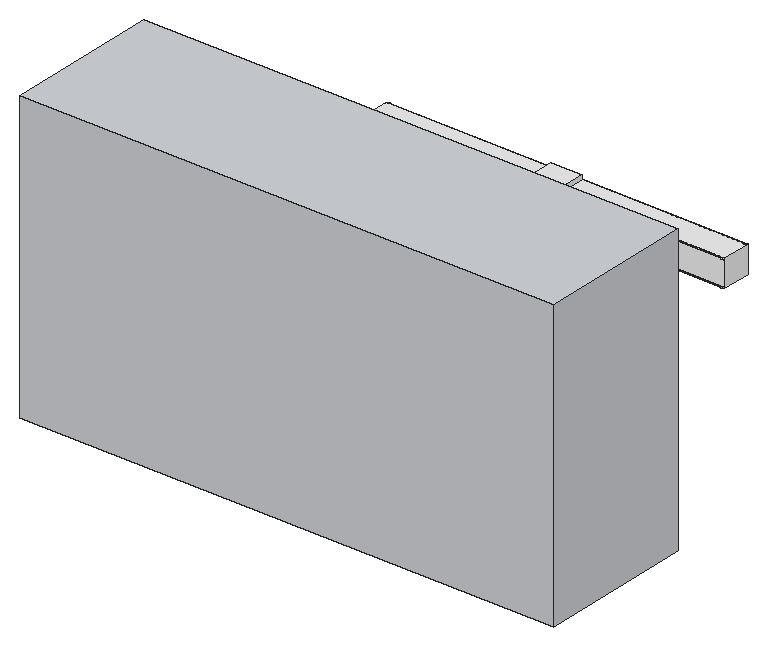
Revit family "Lighting_Fixture-Wall-Astro-Kashimaxxx", category Lighting Fixtures, host Face, Revit 2014
Parameters (values of type "0814 Kashima")
  Width = 350.00 mm
  Weight = "1.5kg"
  Wattage Comments = "8w"
  Wattage = 9.2903 W
  built-in parameter 1150110 = 1 (stored number, unit not read)
  Voltage = 230 V
  URL = "www.astrolighting.co.uk"
  Type Comments = "Includes integral electronic ballast. Comes with wall and cabinet mounting brackets."
  built-in parameter 1114217 = 1 (stored number, unit not read)
  Tilt Angle = -90.00°
  built-in parameter 1150109 = 1 (stored number, unit not read)
  built-in parameter 1150134 = (empty or 0)
  built-in parameter 1150113 = 1 (stored number, unit not read)
  Suitable for bathroom zone = "Zones 2 and 3"
  Product Documentation = "http://www.astrolighting.co.uk/products/0814_Kashima"
  Photometric Web File = "0814 KASHIMA.ies"
  Number of Poles = 1
  Mountable on normally flammable surfaces = "Yes"
  Model = "0814 Kashima"
  Manufacturer = "Astro Lighting Ltd, CM20 2DP"
  Lumens = 1380 lm
  Luminaire Lamp Efficiency Rating = "A-B"
  built-in parameter 1150115 = 1 (stored number, unit not read)
  built-in parameter 1150105 = 306.18 (stored number, unit not read)
  Light Source From Wall = 177.50 mm
  built-in parameter 1150137 = (empty or 0)
  built-in parameter 1150139 = (empty or 0)
  Length = 192.00 mm
  built-in parameter 1150112 = 1 (stored number, unit not read)
  built-in parameter 1150114 = 1 (stored number, unit not read)
  Lamp included = "Yes"
  Lamp = "T5"
  built-in parameter 1150132 = 2
  built-in parameter 1150102 = (empty or 0)
  built-in parameter 1150138 = (empty or 0)
  built-in parameter 1150107 = 3000 (stored number, unit not read)
  built-in parameter 1150106 = 3.0618 (stored number, unit not read)
  IP Rating = "IP44"
  Height = 45.00 mm
  Energy Efficiency Rating = "A"
  Emit from Line Length = 300.00 mm
  built-in parameter 1150104 = 13.8 (stored number, unit not read)
  Dimming Lamp Color Temperature Shift = <None>
  Dimmable = "No"
  Description = "Mirror Light"
  Default Elevation [instance] = 1700.00 mm
  Color Filter = 16777215
  Class = 2
  Casing Material = Astro - Aluminium - Polished Chrome
  built-in parameter 1114218 = 1 (stored number, unit not read)
  Backplate Material = Astro - Zinc - Chrome Finish
  built-in parameter 1150133 = 10 (stored number, unit not read)
  Manufacturer Contact = "01279 427001"
  Assembly Code = "D5020200"
  Arm Height = 9.50 mm
  Apparent Load = 9.1 VA
  Aperture Width = 254.00 mm
Types (2, lengths in mm): name | Width | Weight | Wattage Comments | Type Comments | Tilt Angle | Product Documentation | Photometric Web File | Model | Luminaire Lamp Efficiency Rating | Energy Efficiency Rating | Emit from Line Length | Arm Height | Apparent Load | Aperture Width
  0814 Kashima | 350.00 | "1.5kg" | "8w" | "Includes integral electronic ballast. Comes with wall and cabinet mounting brackets." | -90.00° | "http://www.astrolighting.co.uk/products/0814_Kashima" | "0814 KASHIMA.ies" | "0814 Kashima" | "A-B" | "A" | 300.00 | 9.50 | 9.1 VA | 254.00
  0961 Kashima 620 | 620.00 | "1.75kg" | "14w" | "Includes integral electronic ballast. Also supplied with an optional cabinet fixing bracket." | 90.00° | "http://www.astrolighting.co.uk/products/0961_Kashima-620" | "0961 KASHIMA 620.ies" | "0961 Kashima 620" | "A" | "" | 565.00 | 10.00 | 15.98 VA | 505.00
Reference planes
  plane 1: y = -75
  plane 2 "Light Source Axis (L/R)": x = 125
  plane 3 "Light Source Axis (F/R)": y = 177.5
  plane 4 "Light Source Elevation": z = 1600
  plane 5: y = -150
  plane 6 "Center (Elevation)": z = 1600
  plane 7: z = 0
  plane 8 "Top": z = 1622.5
  plane 9 "Bottom": z = 1577.5
  plane 10 "Left": x = 300
  plane 11 "Right": x = -50
  plane 12 "Front": y = 192
  plane 13: y = 0
  plane 14: y = 33
  plane 15: x = 40
  plane 16: x = 210
  plane 17: x = 110
  plane 18: x = 140
  plane 19: y = 163
  plane 20: z = 1587
  plane 21: z = 1613
  plane 22: x = 252
  plane 23: x = -2
  plane 24: z = 1612.5
Forms (mm)
  Extrusion 1, solid
    sketch origin (140, -150, 1500) x (0, 0, 1) y (1, 0, 0)
      loop
        line (-38.969, -271.216) -> (240, -271.216) -> (240, 245) -> (-38.969, 245) -> (-38.969, -271.216)
    from 0 to 150
  Extrusion 2, solid, material "Astro - Zinc - Chrome Finish" <- "Backplate Material"
    sketch origin (-969.65, 0, 4000) x (-1, 0, 0) y (0, 0, 1)
      loop
        line (-1179.65, -2377.5) -> (-1179.65, -2422.5) -> (-1009.65, -2422.5) -> (-1009.65, -2377.5) -> (-1179.65, -2377.5)
      loop
        line (-1012.15, -2380) -> (-1177.15, -2380) -> (-1177.15, -2420) -> (-1012.15, -2420) -> (-1012.15, -2380)
    from 0 to 33
  Extrusion 3, solid, material "Astro - Zinc - Chrome Finish" <- "Backplate Material"
    sketch origin (-116.711, 33, 4000) x (-1, 0, 0) y (0, 0, 1)
      loop
        line (-326.711, -2422.5) -> (-156.711, -2422.5) -> (-156.711, -2377.5) -> (-326.711, -2377.5) -> (-326.711, -2422.5)
    from 0 to -2.5
  Extrusion 4, solid, material "Astro - Aluminium - Polished Chrome" <- "Casing Material"
    sketch origin (125, -75, 0) x (0, 1, 0) y (0, 0, 1)
      loop
        line (265, 1617.25) -> (108, 1617.25) -> (108, 1607.75) -> (238, 1607.75) -> (238, 1613) -> (265, 1613) -> (265, 1617.25)
    from -15 to 15
  Extrusion 5, solid, material "Astro - Zinc - Chrome Finish" <- "Backplate Material"
    sketch origin (-969.65, 0, 4000) x (-1, 0, 0) y (0, 0, 1)
      loop
        line (-1177.15, -2380) -> (-1177.15, -2420) -> (-1012.15, -2420) -> (-1012.15, -2380) -> (-1044.65, -2380) -> (-1044.65, -2395)
        arc (-1044.65, -2395) -> (-1046.114, -2398.536) -> (-1049.65, -2400) r 5
        line (-1049.65, -2400) -> (-1139.65, -2400)
        arc (-1139.65, -2400) -> (-1143.185, -2398.536) -> (-1144.65, -2395) r 5
        line (-1144.65, -2395) -> (-1144.65, -2380) -> (-1177.15, -2380)
      loop
        arc (-1153.9, -2399) -> (-1151.4, -2396.5) -> (-1153.9, -2394) r 2.5
        line (-1153.9, -2394) -> (-1161.4, -2394)
        arc (-1161.4, -2394) -> (-1163.9, -2396.5) -> (-1161.4, -2399) r 2.5
        line (-1161.4, -2399) -> (-1153.9, -2399)
      loop
        arc (-1029.15, -2392.75) -> (-1031.65, -2390.25) -> (-1034.15, -2392.75) r 2.5
        line (-1034.15, -2392.75) -> (-1034.15, -2400.25)
        arc (-1034.15, -2400.25) -> (-1031.65, -2402.75) -> (-1029.15, -2400.25) r 2.5
        line (-1029.15, -2400.25) -> (-1029.15, -2392.75)
    from 0 to 2.5
  Extrusion 6, solid, not visible
    sketch origin (-969.65, 0, 4000) x (-1, 0, 0) y (0, 0, 1)
      loop
        circle (-1064.65, -2389.5) r 5
    from 0 to 2.5
  Extrusion 7, solid, material "Astro - Aluminium - Polished Chrome" <- "Casing Material"
    sketch origin (-50, 225, 2096.402) x (0, 0, 1) y (0, 1, 0)
      loop
        arc (-508.402, -33) -> (-509.109, -33.293) -> (-509.402, -34) r 1
        line (-509.402, -34) -> (-509.402, -61)
        arc (-509.402, -61) -> (-509.109, -61.707) -> (-508.402, -62) r 1
        line (-508.402, -62) -> (-484.402, -62)
        arc (-484.402, -62) -> (-483.695, -61.707) -> (-483.402, -61) r 1
        line (-483.402, -61) -> (-483.402, -34)
        arc (-483.402, -34) -> (-483.695, -33.293) -> (-484.402, -33) r 1
        line (-484.402, -33) -> (-508.402, -33)
    from -1.5 to 0
  Extrusion 8, solid, material "Astro - Aluminium - Polished Chrome" <- "Casing Material"
    sketch origin (300, 225, 2096.402) x (0, 0, 1) y (0, 1, 0)
      loop
        arc (-483.402, -34) -> (-483.695, -33.293) -> (-484.402, -33) r 1
        line (-484.402, -33) -> (-508.402, -33)
        arc (-508.402, -33) -> (-509.109, -33.293) -> (-509.402, -34) r 1
        line (-509.402, -34) -> (-509.402, -61)
        arc (-509.402, -61) -> (-509.109, -61.707) -> (-508.402, -62) r 1
        line (-508.402, -62) -> (-484.402, -62)
        arc (-484.402, -62) -> (-483.695, -61.707) -> (-483.402, -61) r 1
        line (-483.402, -61) -> (-483.402, -34)
    from 0 to 1.5
  Extrusion 9, solid, material "Astro - Aluminium - Polished Chrome" <- "Casing Material"
    sketch origin (125, -75, 0) x (0, 1, 0) y (0, 0, 1)
      loop
        line (266, 1613) -> (239, 1613)
        arc (239, 1613) -> (238.293, 1612.707) -> (238, 1612) r 1
        line (238, 1612) -> (238, 1588)
        arc (238, 1588) -> (238.293, 1587.293) -> (239, 1587) r 1
        line (239, 1587) -> (266, 1587)
        arc (266, 1587) -> (266.707, 1587.293) -> (267, 1588) r 1
        line (267, 1588) -> (267, 1612)
        arc (267, 1612) -> (266.707, 1612.707) -> (266, 1613) r 1
      loop
        line (265.5, 1611.5) -> (239.5, 1611.5) -> (239.5, 1588.5) -> (265.5, 1588.5) -> (265.5, 1611.5)
    from -173.5 to 173.5
  Extrusion 10, void
    sketch origin (-8600, 192, 1587) x (-1, 0, 0) y (0, 1, 0)
      loop
        line (-8598, -29) -> (-8598, -15)
        arc (-8598, -15) -> (-8598.586, -13.586) -> (-8600, -13) r 2
        line (-8600, -13) -> (-8850, -13)
        arc (-8850, -13) -> (-8851.414, -13.586) -> (-8852, -15) r 2
        line (-8852, -15) -> (-8852, -29) -> (-8598, -29)
    from -1.5 to 0
  Extrusion 11, void
    sketch origin (-116.711, 163, 4000) x (-1, 0, 0) y (0, 0, 1)
      loop
        line (-368.711, -2413) -> (-114.711, -2413) -> (-114.711, -2399)
        arc (-114.711, -2399) -> (-115.297, -2397.586) -> (-116.711, -2397) r 2
        line (-116.711, -2397) -> (-366.711, -2397)
        arc (-366.711, -2397) -> (-368.126, -2397.586) -> (-368.711, -2399) r 2
        line (-368.711, -2399) -> (-368.711, -2413)
    from 0 to 1.5
Cuts and joins
  joined: Extrusion 2, Extrusion 3
  Extrusion 10, Extrusion 11 cuts Extrusion 9
  joined: Extrusion 7, Extrusion 8, Extrusion 9
Text (mm)
  text "Placement side" at (-151.477, 250.841, 0), in view "Ref. Level"
  text "Placement side" at (0, 215.648, 1773.936), in view "Left"
  text "Placement side" at (0, 628.478, 3011.967), in view "Right"
Dimensions and locks
  equal spacing: plane 9 "Bottom", plane 6 "Center (Elevation)", plane 8 "Top"
  "Height": plane 9 "Bottom" to plane 8 "Top"
  equal spacing: plane 11 "Right", plane 2 "Light Source Axis (L/R)", plane 10 "Left"
  "Width": plane 11 "Right" to plane 10 "Left"
  locked: plane 1 to plane 13 at 75
  "Length": plane 12 "Front" to plane 13
  "Light Source From Wall": plane 3 "Light Source Axis (F/R)" to plane 13
  locked: plane 14 to plane 13 at 33
  equal spacing: plane 15, plane 2 "Light Source Axis (L/R)", plane 16
  locked: plane 15 to plane 16 at 170
  equal spacing: plane 17, plane 2 "Light Source Axis (L/R)", plane 18
  locked: plane 17 to plane 18 at 30
  locked: plane 12 "Front" to plane 19 at 29
  equal spacing: Extrusion 2 sketch curve, plane 2 "Light Source Axis (L/R)", Extrusion 2 sketch curve
  locked: Extrusion 2 sketch curve to Extrusion 2 sketch curve at 165
  equal spacing: Extrusion 2 sketch curve, plane 6 "Center (Elevation)", Extrusion 2 sketch curve
  locked: Extrusion 2 sketch curve to Extrusion 2 sketch curve at 40
  locked: plane 14 to Extrusion 3 at 2.5
  equal spacing: plane 20, plane 6 "Center (Elevation)", plane 21
  locked: plane 20 to plane 21 at 26
  equal spacing: Extrusion 5 sketch curve, plane 2 "Light Source Axis (L/R)", Extrusion 5 sketch curve
  locked: Extrusion 5 sketch curve to Extrusion 5 sketch curve at 100
  plane 2 "Light Source Axis (L/R)" to Extrusion 5 sketch curve to Extrusion 5 sketch curve to Extrusion 5 sketch curve = 45.00 mm locked, 18.00 mm locked, 0.00 mm locked
  Extrusion 5 sketch curve to Extrusion 5 sketch curve to Extrusion 5 sketch curve to plane 2 "Light Source Axis (L/R)" = 7.50 mm locked, 14.25 mm locked, 45.00 mm locked
  locked: Extrusion 5 to plane 13 at 2.5
  locked: plane 2 "Light Source Axis (L/R)" to Extrusion 6 sketch curve at 30
  locked: plane 6 "Center (Elevation)" to Extrusion 6 sketch curve at 10.5
  equal spacing: plane 23, plane 2 "Light Source Axis (L/R)", plane 22
  "Aperture Width": plane 23 to plane 22
  locked: plane 24 to plane 6 "Center (Elevation)" at 12.5
  equal spacing: Extrusion 4 sketch curve, plane 24, Extrusion 4 sketch curve
  "Arm Height": Extrusion 4 sketch curve to Extrusion 4 sketch curve
  locked: plane 12 "Front" to Extrusion 4 sketch curve at 2
  Extrusion 7 sketch curve to plane 3 "Light Source Axis (F/R)" to Extrusion 7 sketch curve = 13.50 mm locked, 13.50 mm locked  (x2)
  Extrusion 7 sketch curve to plane 6 "Center (Elevation)" to Extrusion 7 sketch curve = 12.00 mm locked, 12.00 mm locked  (x2)
  locked: plane 11 "Right" to Extrusion 7 at 1.5
  locked: Extrusion 8 to plane 10 "Left" at 1.5
  locked: Extrusion 10 sketch curve to plane 22 at 2
  locked: plane 23 to Extrusion 10 sketch curve at 2
  locked: Extrusion 11 sketch curve to plane 23 at 2
  locked: plane 22 to Extrusion 11 sketch curve at 2
  aligned and locked: plane 2 "Light Source Axis (L/R)" to imposter light
  aligned and locked: plane 3 "Light Source Axis (F/R)" to imposter light
  aligned and locked: plane 4 "Light Source Elevation" to imposter light
  aligned and locked: Extrusion 2 sketch curve to plane 8 "Top"
  aligned and locked: Extrusion 2 sketch curve to plane 9 "Bottom"
  aligned and locked: Extrusion 2 sketch curve to plane 15
  aligned and locked: Extrusion 2 sketch curve to plane 16
  aligned and locked: plane 14 to Extrusion 2
  aligned and locked: Extrusion 2 to plane 13
  aligned and locked: Extrusion 3 sketch curve to plane 16
  aligned and locked: Extrusion 3 sketch curve to plane 15
  aligned and locked: Extrusion 3 sketch curve to plane 8 "Top"
  aligned and locked: Extrusion 3 sketch curve to plane 9 "Bottom"
  aligned and locked: Extrusion 3 to plane 14
  aligned and locked: plane 19 to Extrusion 4 sketch curve
  aligned and locked: plane 14 to Extrusion 4 sketch curve
  aligned and locked: Extrusion 4 to plane 17
  aligned and locked: plane 18 to Extrusion 4
  aligned and locked: Extrusion 5 sketch curve to cut or joined group of Extrusion 2, Extrusion 3  (x4)
  aligned and locked: Extrusion 5 to plane 13
  aligned and locked: Extrusion 6 to plane 13
  aligned and locked: Extrusion 5 to Extrusion 6
  aligned and locked: plane 6 "Center (Elevation)" to plane 4 "Light Source Elevation"
  aligned and locked: Extrusion 7 sketch curve to plane 12 "Front"
  aligned and locked: Extrusion 7 sketch curve to plane 20
  aligned and locked: Extrusion 7 sketch curve to plane 21
  aligned and locked: Extrusion 8 sketch curve to Extrusion 7  (x4)
  aligned and locked: Extrusion 9 sketch curve to Extrusion 7  (x4)
  aligned and locked: Extrusion 7 to plane 11 "Right"
  aligned and locked: plane 10 "Left" to Extrusion 8
  aligned and locked: Extrusion 9 to Extrusion 7
  aligned and locked: Extrusion 9 to Extrusion 8
  aligned and locked: plane 22 to Extrusion 10 sketch curve
  aligned and locked: plane 23 to Extrusion 10 sketch curve
  aligned and locked: Extrusion 10 to Extrusion 9
  aligned and locked: plane 20 to Extrusion 10
  aligned and locked: Extrusion 11 sketch curve to plane 22
  aligned and locked: plane 23 to Extrusion 11 sketch curve
  aligned and locked: Extrusion 11 sketch curve to plane 20
  aligned and locked: cut or joined group of Extrusion 7, Extrusion 8, Extrusion 9, Extrusion 10, Extrusion 11 to Extrusion 11
  aligned and locked: Extrusion 11 to plane 19
Automatic sketch dimensions
  Extrusion 1 sketch curve to Extrusion 1 sketch curve = 278.969 mm
  Extrusion 1 sketch curve to Extrusion 1 sketch curve = 516.216 mm
  Extrusion 5 sketch curve to plane 6 "Center (Elevation)" = 0.00 mm
  plane 6 "Center (Elevation)" to Extrusion 5 sketch curve = 1.00 mm
  plane 21 to Extrusion 5 sketch curve = 5.75 mm
  Extrusion 5 sketch curve to plane 6 "Center (Elevation)" = 0.25 mm
  Extrusion 5 sketch curve to Extrusion 5 sketch curve = 2.50 mm  (x2)
  Extrusion 5 sketch curve to plane 8 "Top" = 2.50 mm
  Extrusion 9 sketch curve to Extrusion 9 sketch curve = 0.00 mm
  Extrusion 9 sketch curve to Extrusion 9 sketch curve = 0.50 mm  (x4)
  Extrusion 10 sketch curve to plane 19 = 0.00 mm
  plane 3 "Light Source Axis (F/R)" to Extrusion 10 sketch curve = 0.50 mm
  plane 4 "Light Source Elevation" to Extrusion 11 sketch curve = 1.00 mm
  plane 21 to Extrusion 4 sketch curve = 0.00 mm
  radius of Extrusion 6 sketch curve = 5.00 mm
Connectors
  electrical at (95, 0, 1610.5), driven by "Number of Poles", driven by "Voltage", driven by "Apparent Load"
    settings: on Extrusion 6, index 1, voltage 230 V, apparent load 0 VA, apparent load phase1 9.1 VA, apparent load phase2 0 VA, apparent load phase3 0 VA, power factor 1, load classification "Other", number of poles 1, system type 31, power factor state 1, is connector primary yes, connector utility no, sub classification motor no, connector description ""
